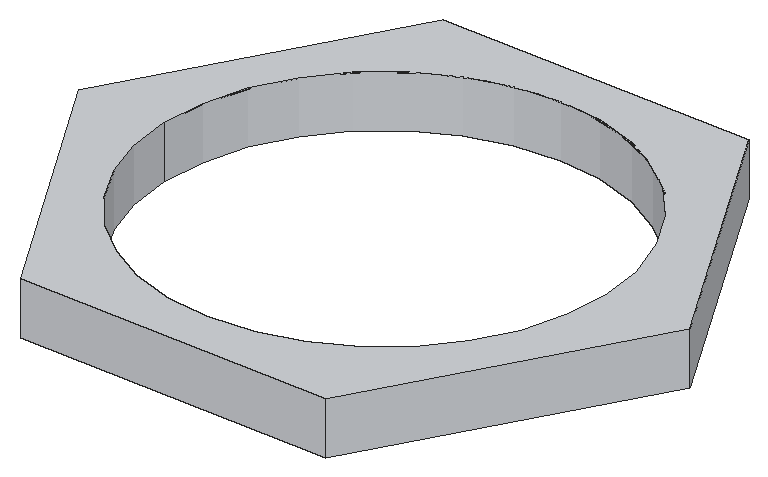
Revit family "LN2G", category Generic Models, Revit 2017
Family settings
  Can host rebar = No
  Round Connector Dimension = Use Diameter
  Part Type = Normal
  Work Plane-Based = Yes
  Always vertical = No
  Cut with Voids When Loaded = No
  Shared = No
  Room Calculation Point = No
Parameters (values of type "NBS Standard Parameters")
  Weight = "0.0099Kg"
  WarrantyStartDate [instance] = "1900-12-31T23:59:59"
  WarrantyGuarantorParts = "n/a"
  WarrantyGuarantorLabor = "n/a"
  WarrantyDurationUnit = "1 year"
  WarrantyDurationParts = "n/a"
  WarrantyDurationLabor = "n/a"
  WarrantyDescription = "n/a"
  Version = "1"
  Uniclass2 = "Pr_65_70_11_20"
  TagNumber [instance] = "n/a"
  SustainabilityPerformance = "n/a"
  Size = "n/a"
  Shape = "25mm"
  SerialNumber [instance] = "Hexagon"
  Revision = "n/a"
  ReplacementCost = "n/a"
  ProductInformation = "www.metpro.co.uk/pdf/LN2G.pdf"
  NominalWidth = 33 mm
  NominalLength = 33 mm
  NominalHeight = 3 mm
  Name = ""
  NBSTypeID = ""
  NBSReference = "90-55-10/460"
  NBSOfficeMasterTag = ""
  NBSNote = ""
  NBSDescription = "Conduit  Fittings"
  NBSCertification = ""
  ModelReference = "LN2G"
  ModelNumber = "n/a"
  Material = "Steel"
  ManufacturerURL = "www.metpro.co.uk"
  ManufacturerName = "Metpro Ltd"
  Keynote = "Compliant to LU Standard 1-085"
  InstallationDate [instance] = "1900-12-31T23:59:59"
  IfcExportType = ""
  IfcExportAs = ""
  Grade = "n/a"
  Finish = "BZP"
  Features = "n/a"
  ExpectedLife = "n/a"
  DurationUnit = "year"
  Description = "LN2G  25mm Lock Nut -Light Pattern"
  Default Elevation = 1219.2 mm
  Constituents = "n/a"
  Color = "n/a"
  CodePerformance = "n/a"
  Category = "n/a"
  BarCode [instance] = "n/a"
  BIMObjectName = "Metpro_metprolibrary _Conduitfittings_Metalcomponents_Steelaccessories"
  Author = "Metpro Ltd"
  AssetType = ""
  AssetIdentifier [instance] = "n/a"
  AccessibilityPerformance = "n/a"
Reference planes
  plane 1 "Center (Front/Back)": y = 0
  plane 2: z = 0
  plane 3 "Center (Left/Right)": x = 0
Forms (mm)
  Extrusion 1, solid
    sketch origin (0, 0, 0) x (1, 0, 0) y (0, 1, 0)
      loop
        circle (10.04, 13.158) r 12.5
      loop
        line (1.379, 28.158) -> (-7.281, 13.158) -> (1.379, -1.842) -> (18.7, -1.842) -> (27.36, 13.158) -> (18.7, 28.158) -> (1.379, 28.158)
    from 0 to 3
Dimensions and locks
  aligned and locked: level to plane 2
